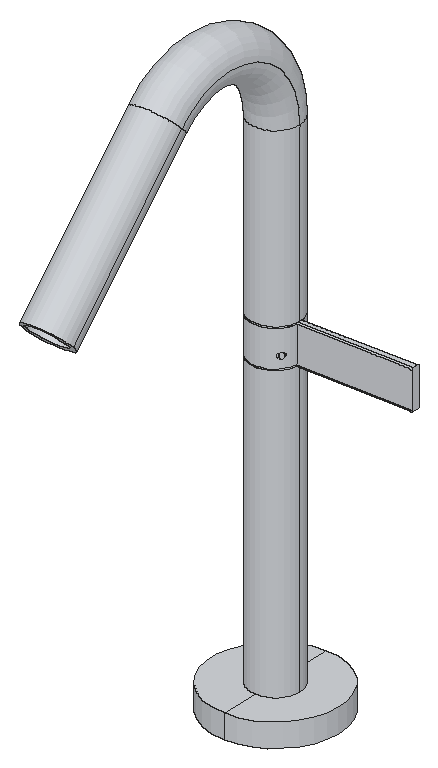
Revit family "Faucet-Lavatory-KOHLER-STILLNESS-985W_1", category Plumbing Fixtures, host Face, Revit 2017
Family settings
  Host = Face
  Round Connector Dimension = Use Diameter
  Part Type = Normal
  OmniClass Number = 23.31.11.00
  OmniClass Title = Faucets
  Cut with Voids When Loaded = No
  Shared = No
  Room Calculation Point = No
Parameters (values of type "CP-Polished Chrome")
  Width = 2 83/256"  # constant formula
  WaterSense Certified = 1 = 0  # no
  Waste Water Outlet = "Waste Water Outlet"  # constant formula
  Waste Connection = 1 = 0  # no
  Vent Connection = 1 = 0  # no
  URL = "https://www.kohler.co.uk/"
  Type = 1
  Spout Reach = 5 15/64"  # constant formula
  Product Page URL = "https://www.kohler.co.uk/taps/deck-mount/stillness-tall-single-lever-monobloc-basin-mixer-no-waste/"
  Product Name = "STILLNESS"  # constant formula
  Product Documentation Link = ""
  Pressure = 0.00 psi
  Model = "985W-4-CP"  # constant formula
  Material = "Premium Metal Construction"  # constant formula
  Master Format 2014 Name = "Residential Faucets, Supplies, and Trim"  # constant formula
  Master Format 2014 = "22 41 39"  # constant formula
  Manufacturer Address = "Cromwell Road, Cheltenham, Gloucestershire. GL52 5EP Registered in England No. 252115"  # constant formula
  Manufacturer = "KOHLER Co."  # constant formula
  Length = Spout Reach  # 5 15/64"
  Hot Water Inlet = "Hot Water Inlet"  # constant formula
  Height = 11.5748"  # constant formula
  Handle Clearance = 2 143/256"  # constant formula
  HW Connection = 1 = 1  # yes
  Flow Rate = 0 GPM
  Finish = Kohler-Metal-CP-Polished_Chrome
  Environmental Product Declaration = ""
  Drain Included = 1 = 0  # no
  Description = "Tall single-lever monobloc basin mixer, no waste"  # constant formula
  Default Elevation = 36"
  Declare Label = ""
  Date Modified = "03/10/2021"  # constant formula
  Date Created = "03/10/2021"  # constant formula
  Copyright = "Copyright KOHLER Co."  # constant formula
  Contact Us = "https://www.kohler.co.uk/support/contact/"
  Cold Water Inlet = "Cold Water Inlet"  # constant formula
  CW Connection = 1 = 1  # yes
  Assembly Code = "D2010"
  ADA Compliant = 1 = 0  # no
Reference planes (in)
  plane 1 "Center (Front/Back)": y = 0
  plane 2: z = 0
  plane 3 "Center (Left/Right)": x = 0
  plane 4: y = 1.1611
  plane 5: y = -1.1611
  plane 6: y = 0.45291
  plane 7: y = -0.45291
  plane 8: z = 8.32589
  plane 9: y = -5.23438
  plane 10: z = 11.5748
  plane 11: y = -5.52351
  plane 12: z = 0.43324
  plane 13: x = 1.16142
  plane 14: x = 0.75563
  plane 15: x = -0.75563
  plane 16: x = -1.1628
  plane 17: z = 5.77559
  plane 18: z = 6.48425
  plane 19: x = 2.55859
  plane 20: x = 0.45365
  plane 21: x = -0.45364
Dimensions and locks (in)
  "Height": plane 10 to level
  "Spout Reach": plane 1 "Center (Front/Back)" to plane 9
  "Width": plane 13 to plane 16
  "Handle Clearance": plane 19 to plane 3 "Center (Left/Right)"
  aligned and locked: plane 2 to host face
  aligned and locked: level to host face
Automatic sketch dimensions
  host sketch curve to host sketch curve = 96"  (x2)
Nested families (in)
  nested 1: "985W" at (0, 0, 0), type "985W"
Connectors (in)
  piping at (-0.31272, 0, 0), diameter 0.5, driven by "HW Connection", driven by "Hot Water Inlet", driven by "Flow Rate"
    settings: on nested 1, index 1, connector inside diameter 24", connector length 0", flow factor 0, pipe flow 0 GPM, pressure drop 0.00 psi, fitting loss kfactor 0, connector angle 0.00°, fixture units 0, engagement length 0", angle of deflection 0.00°, flow configuration 0, flow direction 1, fitting loss method 0, system type 19, joint type 0, gender type 0, connector reference index -1, connector utility 1, adjustable connector no, is connector primary yes, connector description "Hot Water Inlet"
  piping at (0.31272, 0, 0), diameter 0.5, driven by "CW Connection", driven by "Cold Water Inlet", driven by "Flow Rate"
    settings: on nested 1, index 2, connector inside diameter 24", connector length 0", flow factor 0, pipe flow 0 GPM, pressure drop 0.00 psi, fitting loss kfactor 0, connector angle 0.00°, fixture units 0, engagement length 0", angle of deflection 0.00°, flow configuration 0, flow direction 1, fitting loss method 0, system type 20, joint type 0, gender type 0, connector reference index -1, connector utility 1, adjustable connector no, is connector primary no, connector description "Cold Water Inlet"
Definition of nested family "985W"
  Parameters (values of type "985W")
    Material = none
  Reference planes (in)
    plane 1 "Center (Front/Back)": y = 0
    plane 2: z = 0
    plane 3 "Center (Left/Right)": x = 0
    plane 4: y = 1.1611
    plane 5: y = -1.1611
    plane 6: y = 0.45291
    plane 7: y = -0.45291
    plane 8: z = 0.43324
    plane 9: z = 8.32589
    plane 10: y = -5.23622
    plane 11: x = -1.16142
    plane 12: x = 1.16142
    plane 13: z = 11.5748
    plane 14: z = 6.48425
    plane 15: z = 5.77559
    plane 16: x = 2.55906
    plane 17: y = -5.52351
    plane 18: x = -0.75563
    plane 19: x = 0.75563
  Forms (in)
    Revolve 1, solid, material <- "Material", detail levels medium+fine
      sketch origin (0, 0, 0) x (0, 1, 0) y (0, 0, 1)
        loop
          line (0, 0) -> (1.1611, 0) -> (1.1611, 0.43324) -> (0, 0.43324) -> (0, 0)
        axis (0, 0.43324) -> (0, 0)
      angle from 0 to 360
    Sweep 2, solid, material <- "Material", detail levels medium+fine
      path origin (0, 0, 0) x (0, 1, 0) y (0, 0, 1)
        loop
          line (0, 0.43324) -> (0, 9.69396)
          arc (0, 9.69396) -> (-0.97215, 11.14889) -> (-2.68836, 10.80752) r 1.5748
          line (-2.68836, 10.80752) -> (-5.16999, 8.32589)
      profile origin (0, 0, 5.0636) x (0, -1, 0) y (1, 0, 0)
        loop
          circle (0, 0) r 0.45365
    Extrusion 3, void
      sketch origin (0, 4.22094, 5.91355) x (1, 0, 0) y (0, -0.706815, 0.707398)
        loop
          circle (-0.00746, 8.37156) r 0.37402
      from 4.29037 to 5.58741
    Extrusion 4, solid, material <- "Material", detail levels medium+fine
      sketch origin (0, 0, 0) x (0, 1, 0) y (0, 0, 1)
        loop
          arc (0.04865, 5.77559) -> (0.06297, 5.78152) -> (0.0689, 5.79584) r 0.02025
          line (0.0689, 5.79584) -> (0.0689, 6.4642)
          arc (0.0689, 6.4642) -> (0.06302, 6.47838) -> (0.04884, 6.48425) r 0.02006
          line (0.04884, 6.48425) -> (-0.04917, 6.48425)
          arc (-0.04917, 6.48425) -> (-0.06312, 6.47847) -> (-0.0689, 6.46453) r 0.01972
          line (-0.0689, 6.46453) -> (-0.0689, 5.79519)
          arc (-0.0689, 5.79519) -> (-0.06316, 5.78133) -> (-0.0493, 5.77559) r 0.0196
          line (-0.0493, 5.77559) -> (0.04865, 5.77559)
      from 0.24309 to 2.55906
    Revolve 5, void
      sketch origin (0, 0, 0) x (0, 1, 0) y (0, 0, 1)
        loop
          line (0.43676, 5.77079) -> (0.46889, 5.77079) -> (0.46889, 5.80232) -> (0.43676, 5.80232) -> (0.43676, 5.77079)
        axis (0, 5.80232) -> (0, 5.76295)
      angle from 0 to 360
    Revolve 6, void
      sketch origin (0, 0, 12.25971) x (0, 1, 0) y (0, 0, -1)
        loop
          line (0.43676, 5.76772) -> (0.46889, 5.76772) -> (0.46889, 5.79925) -> (0.43676, 5.79925) -> (0.43676, 5.76772)
        axis (0, 5.79925) -> (0, 5.75988)
      angle from 0 to 360
    Revolve 7, solid, material <- "Material", detail levels coarse
      sketch origin (0, 0, 0) x (0, 1, 0) y (0, 0, 1)
        loop
          line (0, 0) -> (1.1811, 0) -> (1.1811, 0.47153) -> (0, 0.47153) -> (0, 0)
        axis (0, 0.47153) -> (0, 0)
      angle from 0 to 360
    Sweep 8, solid, material <- "Material", detail levels coarse
      path origin (0, 0, 0) x (0, 1, 0) y (0, 0, 1)
        loop
          line (0, 0.43324) -> (0, 9.48836)
          arc (0, 9.48836) -> (-1.1667, 11.08366) -> (-3.04056, 10.45532) r 1.67404
          line (-3.04056, 10.45532) -> (-5.26767, 8.22821)
      profile origin (0, 0, 4.9608) x (0, -1, 0) y (1, 0, 0)
        loop
          circle (0, 0) r 0.48551
    Extrusion 9, solid, material <- "Material", detail levels coarse
      sketch origin (0, 0, 0) x (1, 0, 0) y (0, 0, 1)
        loop
          line (0.45697, 6.52912) -> (0.45697, 5.74171) -> (2.62232, 5.74171) -> (2.62232, 6.52912) -> (0.45697, 6.52912)
      from -0.0689 to 0.0689
    Extrusion 10, solid, material <- "Material"
      sketch origin (0.44291, 0, 0) x (1, 0, 0) y (0, 1, 0)
        loop
          circle (-0.75563, 0) r 0.11332
      from 0 to 0.18618
    Extrusion 11, solid, material <- "Material"
      sketch origin (-0.44291, 0, 0) x (-1, 0, 0) y (0, -1, 0)
        loop
          circle (-0.75563, 0) r 0.11332
      from 0 to 0.18618
    Extrusion 12, solid
      sketch origin (0, 0, 0) x (0, 1, 0) y (0, 0, 1)
        loop
          circle (-0.28844, 6.01743) r 0.05364
      from 0.11629 to 0.38621
    Extrusion 13, solid
      sketch origin (0, 0, 0) x (0, -1, 0) y (0, 0, -1)
        loop
          circle (-0.28844, -6.01743) r 0.05364
      from 0.11629 to 0.38621
    Extrusion 14, void
      sketch origin (0, 0, 0) x (1, 0, 0) y (0, 1, 0)
        loop
          arc (0, 0.45365) -> (0.45365, 0) -> (0, -0.45365) r 0.45365
          line (0, -0.45365) -> (0.72288, -0.45365) -> (0.72288, 0.45365) -> (0, 0.45365)
      from 5.55915 to 7.02133
  Cuts and joins
    Extrusion 3, Revolve 5, Revolve 6 cuts Sweep 2
    Extrusion 14 cuts Extrusion 12
    Extrusion 14 cuts Extrusion 13
  Lines and regions (in)
    Masking region 1
      outline origin (0, 0, 0) x (0, 1, 0) y (0, 0, 1)
        loop
          line (1.1611, 0) -> (1.1611, 0.43324) -> (0.45291, 0.43324) -> (0.45291, 9.45776)
          arc (0.45291, 9.45776) -> (-0.85949, 11.42191) -> (-3.17637, 10.96105) r 2.12598
          line (-3.17637, 10.96105) -> (-5.52388, 8.61355) -> (-5.23622, 8.32589) -> (-4.88609, 7.97576) -> (-2.46918, 10.39266)
          arc (-2.46918, 10.39266) -> (-1.18203, 10.64869) -> (-0.45291, 9.5575) r 1.1811
          line (-0.45291, 9.5575) -> (-0.45291, 0.43324) -> (-1.1611, 0.43324) -> (-1.1611, 0) -> (1.1611, 0)
    Masking region 2
      outline origin (0, 0, 0) x (1, 0, 0) y (0, 0, 1)
        loop
          line (0, 0) -> (1.1611, 0) -> (1.1611, 0.43324) -> (0.45365, 0.43324) -> (0.45365, 5.77559) -> (2.55906, 5.77559) -> (2.55906, 6.48425) -> (0.45365, 6.48425) -> (0.45365, 11.13974)
          arc (0.45365, 11.13974) -> (0.3196, 11.45401) -> (0, 11.5748) r 0.43545
          arc (0, 11.5748) -> (-0.3196, 11.45401) -> (-0.45365, 11.13974) r 0.43545
          line (-0.45365, 11.13974) -> (-0.45365, 5.77079) -> (-0.45365, 0.43324) -> (-1.1611, 0.43324) -> (-1.1611, 0) -> (0, 0)
    Masking region 3
      outline origin (0, 0, 0) x (1, 0, 0) y (0, 1, 0)
        loop
          arc (0, 1.1611) -> (-1.13775, 0.23171) -> (-0.45409, -1.06863) r 1.1611
          line (-0.45409, -1.06863) -> (-0.45409, -5.20267)
          spline (-0.45409, -5.20267) -> (-0.43819, -5.28569) -> (-0.39287, -5.36305) -> (-0.32078, -5.42949) -> (-0.22682, -5.48047) -> (-0.11741, -5.51251) -> (0, -5.52344) -> (0.11741, -5.51251) -> (0.22682, -5.48047) -> (0.32078, -5.42949) -> (0.39287, -5.36305) -> (0.43819, -5.28569) -> (0.45365, -5.20267)
          line (0.45365, -5.20267) -> (0.45409, -1.06884)
          arc (0.45409, -1.06884) -> (0.94997, -0.66947) -> (1.16142, -0.0689) r 1.16362
          line (1.16142, -0.0689) -> (2.55906, -0.0689) -> (2.55906, 0.06894) -> (1.16142, 0.06894)
          arc (1.16142, 0.06894) -> (0.79714, 0.84517) -> (0, 1.1611) r 1.16362
    symbolic lines, detail levels medium+fine
      curve 1: arc (-0.45365, 0, 0) -> (-0.03457, 0.45233, 0) -> (0.44838, 0.06894, 0) r 0.45365
      curve 2: line (1.16142, 0.06894, 0) -> (0.44838, 0.06894, 0)
      curve 3: line (1.16142, -0.0689, 0) -> (0.45409, -0.0689, 0)
      curve 4: line (-0.45409, -1.06863, 0) -> (-0.45409, 0, 0)
      curve 5: line (0.45409, -1.06884, 0) -> (0.45409, -0.0689, 0)
      curve 6: arc (0.44838, 0.06894, 0) -> (0.45507, 0.00018, 0) -> (0.45409, -0.0689, 0) r 0.62185
      curve 7: line (0, 0, 0.43324) -> (-1.1611, 0, 0.43324)
      curve 8: line (1.1611, 0, 0.43324) -> (0, 0, 0.43324)
      curve 9: line (0.45365, 0, 5.80232) -> (0, 0, 5.80232)
      curve 10: line (0, 0, 5.80232) -> (-0.45365, 0, 5.80232)
      curve 11: line (0.45365, 0, 5.77079) -> (0, 0, 5.77079)
      curve 12: line (0.43579, 0, 5.80232) -> (0.43579, 0, 5.77079)
      curve 13: line (-0.43704, 0, 5.80232) -> (-0.43704, 0, 5.77079)
      curve 14: line (0, 0, 5.77079) -> (-0.45365, 0, 5.77079)
      curve 15: line (0.45365, 0, 5.80232) -> (0.45365, 0, 6.46047)
      curve 16: line (0.45365, 0, 6.46047) -> (-0.45365, 0, 6.46047)
      curve 17: line (0, 0, 6.492) -> (-0.45365, 0, 6.492)
      curve 18: line (-0.43671, 0, 6.492) -> (-0.43671, 0, 6.46047)
      curve 19: line (0.45365, 0, 6.492) -> (0, 0, 6.492)
      curve 20: line (0.43706, 0, 6.46047) -> (0.43706, 0, 6.492)
      curve 21: line (0.45365, 0, 5.77559) -> (0.45365, 0, 5.81808)
      curve 22: line (0.45365, 0, 6.492) -> (0.45365, 0, 6.446)
      curve 23: spline (0.45365, 0, 8.32589) -> (0.43819, 0, 8.40891) -> (0.39287, 0, 8.48628) -> (0.32078, 0, 8.55271) -> (0.22682, 0, 8.60369) -> (0.11741, 0, 8.63574) -> (0, 0, 8.64667) -> (-0.11741, 0, 8.63574) -> (-0.22682, 0, 8.60369) -> (-0.32078, 0, 8.55271) -> (-0.39287, 0, 8.48628) -> (-0.43819, 0, 8.40891) -> (-0.45365, 0, 8.32589)
      curve 24: spline (-0.45365, 0, 8.32589) -> (-0.43819, 0, 8.24287) -> (-0.39287, 0, 8.1655) -> (-0.32078, 0, 8.09907) -> (-0.22682, 0, 8.04809) -> (-0.11741, 0, 8.01604) -> (0, 0, 8.00511) -> (0.11741, 0, 8.01604) -> (0.22682, 0, 8.04809) -> (0.32078, 0, 8.09907) -> (0.39287, 0, 8.1655) -> (0.43819, 0, 8.24287) -> (0.45365, 0, 8.32589)
      curve 25: spline (0.36655, 0, 8.32068) -> (0.35386, 0, 8.2522) -> (0.31653, 0, 8.18837) -> (0.2571, 0, 8.13355) -> (0.17962, 0, 8.09149) -> (0.08938, 0, 8.06504) -> (-0.00746, 0, 8.05602) -> (-0.10431, 0, 8.06504) -> (-0.19455, 0, 8.09149) -> (-0.27203, 0, 8.13355) -> (-0.33146, 0, 8.18837) -> (-0.36879, 0, 8.2522) -> (-0.38148, 0, 8.32068)
      curve 26: spline (-0.38148, 0, 8.32068) -> (-0.36868, 0, 8.38909) -> (-0.33128, 0, 8.45284) -> (-0.27184, 0, 8.50757) -> (-0.1944, 0, 8.54956) -> (-0.10422, 0, 8.57596) -> (-0.00746, 0, 8.58496) -> (0.0893, 0, 8.57596) -> (0.17947, 0, 8.54956) -> (0.25691, 0, 8.50757) -> (0.31635, 0, 8.45284) -> (0.35375, 0, 8.38909) -> (0.36655, 0, 8.32068)
      curve 27: line (0, 1.1611, 0.43324) -> (0, -1.1611, 0.43324)
      curve 28: line (0, 0.45365, 5.77079) -> (0, -0.45365, 5.77079)
      curve 29: line (0, 0.45365, 5.80232) -> (0, -0.45365, 5.80232)
      curve 30: line (0, 0.43676, 5.80232) -> (0, 0.43676, 5.77079)
      curve 31: line (0, -0.43676, 5.80232) -> (0, -0.43676, 5.77079)
      curve 32: line (0, 0.45365, 6.492) -> (0, -0.45365, 6.492)
      curve 33: line (0, 0.45365, 6.46047) -> (0, -0.45365, 6.46047)
      curve 34: line (0, 0.43676, 6.492) -> (0, 0.43676, 6.46047)
      curve 35: line (0, -0.43676, 6.492) -> (0, -0.43676, 6.46047)
      curve 36: line (0.38621, 0, 5.96379) -> (0.38621, 0, 6.07108)
      curve 37: line (0.38621, 0, 6.07108) -> (0.2838, 0, 6.07108)
      curve 38: line (0.2838, 0, 6.07108) -> (0.2838, 0, 5.96379)
      curve 39: line (0.2838, 0, 5.96379) -> (0.38621, 0, 5.96379)
  Dimensions and locks (in)
    plane 4 to plane 5 = 2.32221"
    plane 1 "Center (Front/Back)" to plane 10 = 5.23622"
    plane 9 to level = 8.32589"
    level to plane 13 = 11.5748"
    plane 15 to level = 5.77559"
    plane 14 to level = 6.48425"
    plane 16 to plane 3 "Center (Left/Right)" = 2.55906"
    plane 11 to plane 12 = 2.32284"
    aligned and locked: level to plane 2
